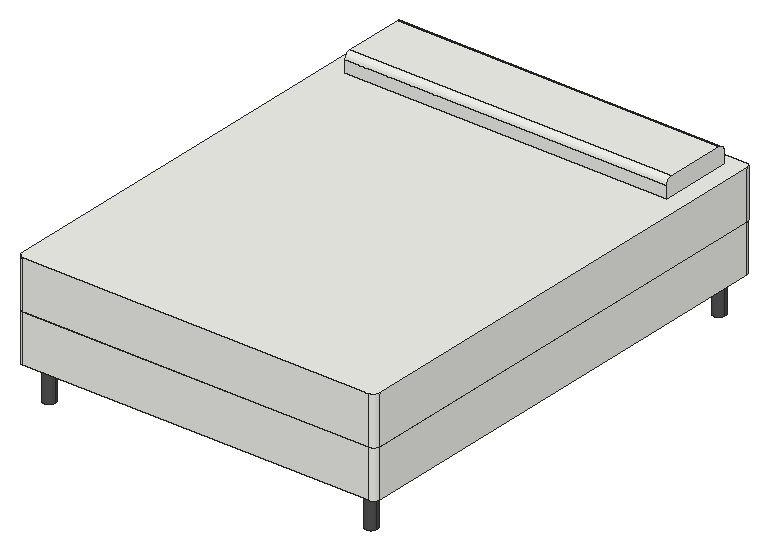
Revit family "Bed-Standard-King-ChannelTufted", category Furniture, Revit 2025
Family settings
  OmniClass Number = 23.40.20.17.14.11
  OmniClass Title = Beds
  Work Plane-Based = No
  Enable Cutting in Views = No
  Always vertical = Yes
  Cut with Voids When Loaded = No
  Render Appearance Source = Family Geometry
  Shared = No
  Room Calculation Point = No
Parameters (values of type "Queen 60" x 79"")
  Default Elevation = 0' - 0"
  Assembly Code = "E2020200"
  Leg Material = Steel, Chrome Plated
  Length = 6' - 7"
  Mattress Material = Linen, White
  Width = 5' - 0"
Types (4): name | Length | Width
  Double 54" x 75" | 6' - 3" | 4' - 6"
  Twin 38" x 75" | 6' - 3" | 3' - 2"
  Queen 60" x 79" | 6' - 7" | 5' - 0"
  King 78" x 80" | 6' - 8" | 6' - 6"
Reference planes (in)
  plane 1 "Center (Front/Back)": y = -1.79508
  plane 2: z = 0
  plane 3 "Center (Left/Right)": x = 10.68852
  plane 4: y = 37.70492
  plane 5: y = -41.29508
  plane 6: x = 40.68852
  plane 7: x = -19.31148
  plane 8: x = -16.31148
  plane 9: x = 37.68852
  plane 10: y = 34.70492
  plane 11: y = -38.29508
  plane 12: x = -16.31148
  plane 13: x = 37.68852
Forms (in)
  Extrusion 1, solid, material "Linen, White"
    sketch origin (0, 0, 14) x (1, 0, 0) y (0, 1, 0)
      loop
        line (39.68852, 37.70492) -> (-18.31148, 37.70492)
        arc (-18.31148, 37.70492) -> (-19.01858, 37.41202) -> (-19.31148, 36.70492) r 1
        line (-19.31148, 36.70492) -> (-19.31148, -40.29508)
        arc (-19.31148, -40.29508) -> (-19.01858, -41.00219) -> (-18.31148, -41.29508) r 1
        line (-18.31148, -41.29508) -> (39.68852, -41.29508)
        arc (39.68852, -41.29508) -> (40.39563, -41.00219) -> (40.68852, -40.29508) r 1
        line (40.68852, -40.29508) -> (40.68852, 36.70492)
        arc (40.68852, 36.70492) -> (40.39563, 37.41202) -> (39.68852, 37.70492) r 1
    from 0 to 8
  Extrusion 2, solid, material "Steel, Chrome Plated"
    sketch origin (0, 0, 0) x (1, 0, 0) y (0, 1, 0)
      loop
        circle (-16.31148, 34.70492) r 1
      loop
        circle (37.68852, 34.70492) r 1
      loop
        circle (37.68852, -38.29508) r 1
      loop
        circle (-16.31148, -38.29508) r 1
    from 0 to 6
  Extrusion 3, solid, material "Linen, White"
    sketch origin (40.68852, 0, 0) x (0, -1, 0) y (0, 0, 1)
      loop
        line (-35.70492, 22) -> (-23.70492, 22) -> (-23.70492, 24)
        arc (-23.70492, 24) -> (-23.99781, 24.70711) -> (-24.70492, 25) r 1
        line (-24.70492, 25) -> (-34.70492, 25)
        arc (-34.70492, 25) -> (-35.41202, 24.70711) -> (-35.70492, 24) r 1
        line (-35.70492, 24) -> (-35.70492, 22)
    from 3 to 57
  Extrusion 4, solid, material "Linen, White"
    sketch origin (0, 0, 0) x (1, 0, 0) y (0, 1, 0)
      loop
        line (-19.31148, 36.70492) -> (-19.31148, -40.29508)
        arc (-19.31148, -40.29508) -> (-19.01858, -41.00219) -> (-18.31148, -41.29508) r 1
        line (-18.31148, -41.29508) -> (39.68852, -41.29508)
        arc (39.68852, -41.29508) -> (40.39563, -41.00219) -> (40.68852, -40.29508) r 1
        line (40.68852, -40.29508) -> (40.68852, 36.70492)
        arc (40.68852, 36.70492) -> (40.39563, 37.41202) -> (39.68852, 37.70492) r 1
        line (39.68852, 37.70492) -> (-18.31148, 37.70492)
        arc (-18.31148, 37.70492) -> (-19.01858, 37.41202) -> (-19.31148, 36.70492) r 1
    from 6 to 14
Lines and regions (in)
  Masking region 1
    outline origin (0, 0, 0) x (1, 0, 0) y (0, 1, 0)
      loop
        line (-19.31148, 37.70492) -> (-19.31148, -41.29508) -> (40.68852, -41.29508) -> (40.68852, 37.70492) -> (-19.31148, 37.70492)
  symbolic lines
    curve 1: line (-16.31148, 35.70492, 0) -> (37.68852, 35.70492, 0)
    curve 2: line (-16.31148, 35.70492, 0) -> (-16.31148, 23.70492, 0)
    curve 3: line (-16.31148, 23.70492, 0) -> (37.68852, 23.70492, 0)
    curve 4: line (37.68852, 35.70492, 0) -> (37.68852, 23.70492, 0)
    curve 5: line (40.68852, 23.70492, 0) -> (-19.31148, 15.1253, 0)
Dimensions and locks (in)
  equal spacing: plane 7, plane 3 "Center (Left/Right)", plane 6
  equal spacing: plane 5, plane 1 "Center (Front/Back)", plane 4
  "Width": plane 7 to plane 6
  "Length": plane 5 to plane 4
  locked: plane 10 to plane 4 at 3
  locked: plane 5 to plane 11 at 3
  locked: plane 7 to plane 8 at 3
  locked: plane 9 to plane 6 at 3
  locked: plane 7 to plane 12 at 3
  locked: plane 13 to plane 6 at 3
  aligned and locked: Masking region 1 sketch curve to plane 7
  aligned and locked: plane 6 to Masking region 1 sketch curve
  aligned and locked: plane 4 to Masking region 1 sketch curve
  aligned and locked: Masking region 1 sketch curve to plane 5
  aligned and locked: plane 12 to Extrusion 3
  aligned and locked: plane 12 to curve 2
  aligned and locked: Extrusion 3 to plane 13
  aligned and locked: plane 13 to curve 4
  aligned and locked: plane 7 to Extrusion 1 sketch curve
  aligned and locked: Extrusion 1 sketch curve to plane 6
  aligned and locked: Extrusion 1 sketch curve to plane 4
  aligned and locked: plane 5 to Extrusion 1 sketch curve
  aligned and locked: Extrusion 4 sketch curve to plane 4
  aligned and locked: plane 7 to Extrusion 4 sketch curve
  aligned and locked: plane 5 to Extrusion 4 sketch curve
  aligned and locked: Extrusion 4 sketch curve to plane 6
Automatic sketch dimensions
  Extrusion 2 sketch curve to plane 11 = 0' - 0"  (x2)
  Extrusion 2 sketch curve to plane 8 = 0' - 0"  (x2)
  Extrusion 2 sketch curve to plane 10 = 0' - 0"  (x2)
  Extrusion 2 sketch curve to plane 9 = 0' - 0"  (x2)
  Extrusion 2 sketch curve to Extrusion 2 sketch curve = 0' - 1"  (x2)
  Extrusion 2 sketch curve to plane 7 = 0' - 2"
  plane 9 to Extrusion 2 sketch curve = 0' - 1"
  plane 4 to Extrusion 3 sketch curve = 0' - 2"
  Extrusion 3 sketch curve to Extrusion 3 sketch curve = 0' - 1"  (x2)
  Extrusion 3 sketch curve to Extrusion 3 sketch curve = 0' - 2"
  Extrusion 3 sketch curve to Extrusion 3 sketch curve = 0' - 10"
  level to Extrusion 3 sketch curve = 1' - 10"
  curve 5 to plane 1 "Center (Front/Back)" = 1' - 4.92038"
  plane 4 to curve 4 = 1' - 2"
  curve 5 to curve 3 = 0' - 0"
  plane 4 to curve 1 = 0' - 2"
  curve 5 to plane 7 = 0' - 0"
  curve 5 to plane 6 = 0' - 0"
  Extrusion 1 sketch curve to plane 7 = 0' - 1"  (x2)
  plane 6 to Extrusion 1 sketch curve = 0' - 1"
  plane 4 to Extrusion 1 sketch curve = 0' - 1"
  Extrusion 4 sketch curve to Extrusion 4 sketch curve = 0' - 1"  (x2)
  plane 6 to Extrusion 4 sketch curve = 0' - 1"
  plane 4 to Extrusion 4 sketch curve = 0' - 1"
